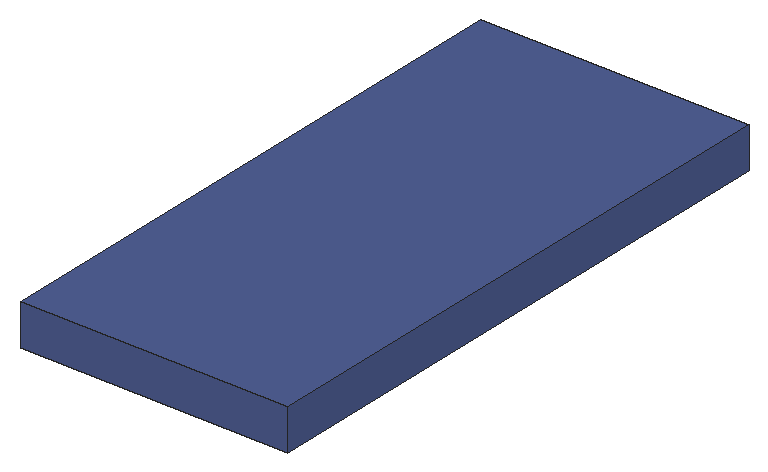
Revit family "DockEquipment_GuideLight_SuperSeal_2C2C-1", category Generic Models, Revit 2011
Parameters
  offset [instance] = 0' - 10 3/4"
  Warranty Duration (Years) = 0
  Unit Width = 0' - 3 1/4"
  Unit Height = 0' - 7"
  Unit Depth = 0' - 0 1/2"
  URL = "http://www.supersealmfg.com/"
  Specification = ""
  SpecWizard = ""
  Sign Width = 0' - 5 1/4"
  Sign Material = Plastic - Super Seal - Yellow
  Sign Height = 1' - 5"
  Sign [instance] = no
  Send Message = "http://www.arcat.com/users.pl?action=UserEmail&company=Super-Seal%20Mfg.%20Ltd&coid=44693&rep=119&fax=905-850-4440 &mf="
  Sales Information = "http://www.supersealmfg.com/ContactUs.htm"
  Revision = "R1_07-2011"
  Product Properties = ""
  Product Data = "http://arcat.com/arcatcos/cos44/arc44693.html?isac=1&r=1"
  Model = "As Specified"
  Material = Plastic - Super Seal - Blue
  Manufacturer Website = "http://www.supersealmfg.com/"
  Manufacturer Phone - Toll Free = "800-337-3239 "
  Manufacturer Phone = "800-337-3239 "
  Manufacturer Fax = "905-850-4440 "
  Manufacturer Address = "670 Rowntree Dairy Rd. Woodbridge , ON, Canada L4L-5T8"
  Manufacturer = "Super-Seal Mfg. Ltd"
  Maintenance Schedule (Months) = 0
  Keynote = ""
  Installation-Fabrication = ""
  Installation Phase = ""
  Green Building-LEED = ""
  Expected Lifespan (Years) = 0
  Drawn By = "Sumex Design, Inc. / Robert S. Weygant, CSI, CDT, SCIP"
  Description = "Super Seal"
  Default Elevation = 4' - 0"
  Copyright = "©Arcat Inc."
  Construction Details = "http://arcat.com/details/supersea/supersea.html?coid=44693"
  Assembly Code = ""
Reference planes (in)
  plane 1 "Center (Front/Back)": y = 0
  plane 2 "Bottom": z = 0
  plane 3 "Center (Left/Right)": x = 0
  plane 4 "Front": y = -3.5
  plane 5 "Left": x = -1.625
  plane 6 "Right": x = 1.625
  plane 7 "Top": z = 0.5
  plane 8: y = 3.5
  plane 9: x = -2.625
  plane 10: x = 2.625
  plane 11: y = 8.5
  plane 12: y = -8.5
Forms (in)
  Extrusion 1, solid, material "Plastic - Super Seal - Blue" <- "Material"
    sketch origin (0, 0, 0) x (1, 0, 0) y (0, 1, 0)
      loop
        line (-1.625, 3.5) -> (-1.625, -3.5) -> (1.625, -3.5) -> (1.625, 3.5) -> (-1.625, 3.5)
    from 0 to 0.5
  Extrusion 2, solid, material "Plastic - Super Seal - Yellow" <- "Sign Material", visible <- "Sign"
    sketch origin (0, 0, 0) x (1, 0, 0) y (0, 1, 0)
      loop
        line (-2.625, 8.5) -> (-2.625, -8.5) -> (2.625, -8.5) -> (2.625, 8.5) -> (-2.625, 8.5)
      loop
        line (-1.625, -3.5) -> (1.625, -3.5) -> (1.625, 3.5) -> (-1.625, 3.5) -> (-1.625, -3.5)
    from 0 to 0.5
Lines and regions (in)
  model lines, style "Dock Equipment", detail levels medium+fine
    curve 1: circle (0, 1.72323, 0.5) r 1.5 normal (0, 0, 1)
    curve 22: circle (0, -1.72323, 0.5) r 1.5 normal (0, 0, -1)
  model lines, style "Dock Equipment", detail levels fine
    curve 2: circle (0.75, 1.72323, 0.5) r 0.125 normal (0, 0, 1)
    curve 3: circle (1.125, 1.72323, 0.5) r 0.125 normal (0, 0, 1)
    curve 4: circle (0, 0.97323, 0.5) r 0.125 normal (0, 0, 1)
    curve 5: circle (0, 0.47323, 0.5) r 0.125 normal (0, 0, 1)
    curve 6: circle (0, 2.47323, 0.5) r 0.125 normal (0, 0, 1)
    curve 7: circle (0, 2.97323, 0.5) r 0.125 normal (0, 0, 1)
    curve 8: circle (-0.75, 1.72323, 0.5) r 0.125 normal (0, 0, 1)
    curve 9: circle (-1.25, 1.72323, 0.5) r 0.125 normal (0, 0, 1)
    curve 10: circle (0.17678, 1.9, 0.5) r 0.125 normal (0, 0, 1)
    curve 11: circle (0.88388, 2.60711, 0.5) r 0.125 normal (0, 0, 1)
    curve 12: circle (0.53033, 1.1929, 0.5) r 0.125 normal (0, 0, 1)
    curve 13: circle (0.88388, 0.83934, 0.5) r 0.125 normal (0, 0, 1)
    curve 14: circle (-0.53033, 2.25356, 0.5) r 0.125 normal (0, 0, 1)
    curve 15: circle (-0.88388, 2.60711, 0.5) r 0.125 normal (0, 0, 1)
    curve 16: circle (-0.53033, 1.1929, 0.5) r 0.125 normal (0, 0, 1)
    curve 17: circle (-0.88388, 0.83934, 0.5) r 0.125 normal (0, 0, 1)
    curve 18: circle (0.53033, 2.25356, 0.5) r 0.125 normal (0, 0, 1)
    curve 19: circle (-0.17678, 1.9, 0.5) r 0.125 normal (0, 0, -1)
    curve 20: circle (0.17678, 1.54645, 0.5) r 0.125 normal (0, 0, -1)
    curve 21: circle (-0.17678, 1.54645, 0.5) r 0.125 normal (0, 0, 1)
    curve 23: circle (0.75, -1.72323, 0.5) r 0.125 normal (0, 0, -1)
    curve 24: circle (1.125, -1.72323, 0.5) r 0.125 normal (0, 0, -1)
    curve 25: circle (0, -0.97323, 0.5) r 0.125 normal (0, 0, -1)
    curve 26: circle (0, -0.47323, 0.5) r 0.125 normal (0, 0, -1)
    curve 27: circle (0, -2.47323, 0.5) r 0.125 normal (0, 0, -1)
    curve 28: circle (0, -2.97323, 0.5) r 0.125 normal (0, 0, -1)
    curve 29: circle (-0.75, -1.72323, 0.5) r 0.125 normal (0, 0, -1)
    curve 30: circle (-1.25, -1.72323, 0.5) r 0.125 normal (0, 0, -1)
    curve 31: circle (0.17678, -1.9, 0.5) r 0.125 normal (0, 0, -1)
    curve 32: circle (0.88388, -2.60711, 0.5) r 0.125 normal (0, 0, -1)
    curve 33: circle (0.53033, -1.1929, 0.5) r 0.125 normal (0, 0, -1)
    curve 34: circle (0.88388, -0.83934, 0.5) r 0.125 normal (0, 0, -1)
    curve 35: circle (-0.53033, -2.25356, 0.5) r 0.125 normal (0, 0, -1)
    curve 36: circle (-0.88388, -2.60711, 0.5) r 0.125 normal (0, 0, -1)
    curve 37: circle (-0.53033, -1.1929, 0.5) r 0.125 normal (0, 0, -1)
    curve 38: circle (-0.88388, -0.83934, 0.5) r 0.125 normal (0, 0, -1)
    curve 39: circle (0.53033, -2.25356, 0.5) r 0.125 normal (0, 0, -1)
    curve 40: circle (-0.17678, -1.9, 0.5) r 0.125 normal (0, 0, 1)
    curve 41: circle (0.17678, -1.54645, 0.5) r 0.125 normal (0, 0, 1)
    curve 42: circle (-0.17678, -1.54645, 0.5) r 0.125 normal (0, 0, -1)
Dimensions and locks (in)
  equal spacing: plane 5 "Left", plane 3 "Center (Left/Right)", plane 6 "Right"
  "Unit Width": plane 5 "Left" to plane 6 "Right"
  equal spacing: plane 8, plane 1 "Center (Front/Back)", plane 4 "Front"
  "Unit Depth": plane 7 "Top" to level
  "Unit Height": plane 8 to plane 4 "Front"
  equal spacing: plane 11, plane 1 "Center (Front/Back)", plane 12
  "Sign Height": plane 11 to plane 12
  equal spacing: plane 9, plane 3 "Center (Left/Right)", plane 10
  "Sign Width": plane 9 to plane 10
  aligned and locked: plane 7 "Top" to Extrusion 1
  aligned and locked: plane 7 "Top" to Extrusion 2
Automatic sketch dimensions
  Extrusion 1 sketch curve to plane 4 "Front" = 0' - 0"
  Extrusion 1 sketch curve to plane 5 "Left" = 0' - 0"
  Extrusion 1 sketch curve to plane 6 "Right" = 0' - 0"
  Extrusion 1 sketch curve to plane 8 = 0' - 0"
  Extrusion 2 sketch curve to plane 9 = 0' - 0"
  Extrusion 2 sketch curve to plane 4 "Front" = 0' - 0"
  Extrusion 2 sketch curve to plane 5 "Left" = 0' - 0"
  Extrusion 2 sketch curve to plane 6 "Right" = 0' - 0"
  Extrusion 2 sketch curve to plane 10 = 0' - 0"
  Extrusion 2 sketch curve to plane 12 = 0' - 0"
  Extrusion 2 sketch curve to plane 8 = 0' - 0"
  Extrusion 2 sketch curve to plane 11 = 0' - 0"
  curve 5 to plane 3 "Center (Left/Right)" = 0' - 0"
  curve 28 to plane 3 "Center (Left/Right)" = 0' - 0"
  curve 6 to plane 3 "Center (Left/Right)" = 0' - 0"
  curve 4 to plane 3 "Center (Left/Right)" = 0' - 0"
  curve 27 to plane 3 "Center (Left/Right)" = 0' - 0"
  curve 22 to plane 3 "Center (Left/Right)" = 0' - 0"
  curve 7 to plane 3 "Center (Left/Right)" = 0' - 0"
  curve 1 to plane 3 "Center (Left/Right)" = 0' - 0"
  curve 25 to plane 3 "Center (Left/Right)" = 0' - 0"
  curve 26 to plane 3 "Center (Left/Right)" = 0' - 0"
  plane 3 "Center (Left/Right)" to curve 10 = 0' - 0.17678"
  plane 3 "Center (Left/Right)" to curve 31 = 0' - 0.17678"
  plane 3 "Center (Left/Right)" to curve 41 = 0' - 0.17678"
  plane 3 "Center (Left/Right)" to curve 20 = 0' - 0.17678"
  curve 12 to curve 20 = 0' - 0.35355"
  curve 33 to curve 41 = 0' - 0.35355"
  curve 18 to curve 10 = 0' - 0.35355"  (x2)
  curve 39 to curve 31 = 0' - 0.35355"
  curve 23 to curve 33 = 0' - 0.21967"
  curve 2 to curve 12 = 0' - 0.21967"
  curve 11 to curve 18 = 0' - 0.35355"  (x2)
  curve 13 to curve 12 = 0' - 0.35355"
  curve 34 to curve 33 = 0' - 0.35355"  (x2)
  curve 32 to curve 39 = 0' - 0.35355"
  curve 24 to curve 23 = 0' - 0 3/8"
  curve 3 to curve 2 = 0' - 0 3/8"
  curve 21 to plane 3 "Center (Left/Right)" = 0' - 0.17678"
  curve 19 to plane 3 "Center (Left/Right)" = 0' - 0.17678"
  curve 40 to plane 3 "Center (Left/Right)" = 0' - 0.17678"
  curve 42 to plane 3 "Center (Left/Right)" = 0' - 0.17678"
  curve 42 to curve 37 = 0' - 0.35355"
  curve 21 to curve 16 = 0' - 0.35355"  (x2)
  curve 40 to curve 35 = 0' - 0.35355"  (x2)
  curve 19 to curve 14 = 0' - 0.35355"
  curve 16 to curve 8 = 0' - 0.21967"
  curve 37 to curve 29 = 0' - 0.21967"
  curve 37 to curve 38 = 0' - 0.35355"
  curve 14 to curve 15 = 0' - 0.35355"
  curve 35 to curve 36 = 0' - 0.35355"  (x2)
  curve 16 to curve 17 = 0' - 0.35355"  (x2)
  plane 5 "Left" to curve 9 = 0' - 0 3/8"
  plane 5 "Left" to curve 30 = 0' - 0 3/8"
  curve 7 to plane 8 = 0' - 0.52677"
  curve 11 to plane 8 = 0' - 0.89289"
  curve 15 to plane 8 = 0' - 0.89289"
  curve 7 to curve 6 = 0' - 0 1/2"
  curve 15 to curve 14 = 0' - 0.35355"
  curve 19 to curve 10 = 0' - 0"
  curve 18 to curve 3 = 0' - 0.53033"
  curve 2 to curve 3 = 0' - 0"
  curve 19 to curve 1 = 0' - 0.17678"
  curve 14 to curve 9 = 0' - 0.53033"
  curve 8 to curve 9 = 0' - 0"
  curve 1 to curve 21 = 0' - 0.17678"
  curve 1 to curve 20 = 0' - 0.17678"
  curve 20 to curve 12 = 0' - 0.35355"
  curve 16 to curve 4 = 0' - 0.21967"
  curve 12 to curve 13 = 0' - 0.35355"
  curve 5 to plane 1 "Center (Front/Back)" = 0' - 0.47323"
  plane 1 "Center (Front/Back)" to curve 26 = 0' - 0.47323"
  plane 1 "Center (Front/Back)" to curve 38 = 0' - 0.83934"
  plane 1 "Center (Front/Back)" to curve 34 = 0' - 0.83934"
  curve 26 to curve 25 = 0' - 0 1/2"
  curve 38 to curve 37 = 0' - 0.35355"
  curve 37 to curve 42 = 0' - 0.35355"
  curve 41 to curve 42 = 0' - 0"
  curve 37 to curve 30 = 0' - 0.53033"
  curve 33 to curve 23 = 0' - 0.53033"
  curve 24 to curve 23 = 0' - 0"
  curve 29 to curve 30 = 0' - 0"
  curve 41 to curve 22 = 0' - 0.17678"
  curve 22 to curve 31 = 0' - 0.17678"
  curve 22 to curve 40 = 0' - 0.17678"
  curve 31 to curve 39 = 0' - 0.35355"
  curve 39 to curve 27 = 0' - 0.21967"
  curve 39 to curve 32 = 0' - 0.35355"
  curve 27 to curve 28 = 0' - 0 1/2"
  radius of curve 1 = 0' - 1 1/2"
  radius of curve 2 = 0' - 0 1/8"
  radius of curve 3 = 0' - 0 1/8"
  radius of curve 4 = 0' - 0 1/8"
  radius of curve 5 = 0' - 0 1/8"
  radius of curve 6 = 0' - 0 1/8"
  radius of curve 7 = 0' - 0 1/8"
  radius of curve 8 = 0' - 0 1/8"
  radius of curve 9 = 0' - 0 1/8"
  radius of curve 10 = 0' - 0 1/8"
  radius of curve 11 = 0' - 0 1/8"
  radius of curve 12 = 0' - 0 1/8"
  radius of curve 13 = 0' - 0 1/8"
  radius of curve 14 = 0' - 0 1/8"
  radius of curve 15 = 0' - 0 1/8"
  radius of curve 16 = 0' - 0 1/8"
  radius of curve 17 = 0' - 0 1/8"
  radius of curve 18 = 0' - 0 1/8"
  radius of curve 19 = 0' - 0 1/8"
  radius of curve 20 = 0' - 0 1/8"
  radius of curve 21 = 0' - 0 1/8"
  radius of curve 22 = 0' - 1 1/2"
  radius of curve 23 = 0' - 0 1/8"
  radius of curve 24 = 0' - 0 1/8"
  radius of curve 25 = 0' - 0 1/8"
  radius of curve 26 = 0' - 0 1/8"
  radius of curve 27 = 0' - 0 1/8"
  radius of curve 28 = 0' - 0 1/8"
  radius of curve 29 = 0' - 0 1/8"
  radius of curve 30 = 0' - 0 1/8"
  radius of curve 31 = 0' - 0 1/8"
  radius of curve 32 = 0' - 0 1/8"
  radius of curve 33 = 0' - 0 1/8"
  radius of curve 34 = 0' - 0 1/8"
  radius of curve 35 = 0' - 0 1/8"
  radius of curve 36 = 0' - 0 1/8"
  radius of curve 37 = 0' - 0 1/8"
  radius of curve 38 = 0' - 0 1/8"
  radius of curve 39 = 0' - 0 1/8"
  radius of curve 40 = 0' - 0 1/8"
  radius of curve 41 = 0' - 0 1/8"
  radius of curve 42 = 0' - 0 1/8"
